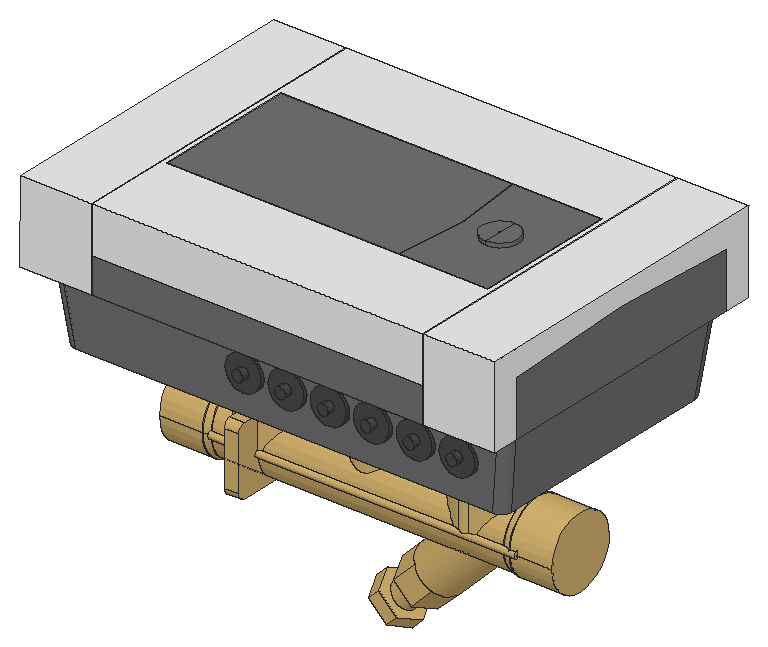
Revit family "SonoSelect10_DN15-DN32_Return_RFA", category Pipe Accessories, Revit 2019
Family settings
  Round Connector Dimension = Use Diameter
  Part Type = Breaks Into
  Work Plane-Based = No
  Always vertical = Yes
  Cut with Voids When Loaded = No
  Shared = No
Parameters (values of type "SonoSelect 10_DN15_qp0.6m³/h_G¾_110mm_Return")
  ang2D [instance] = 0.00°
  Z1__ve = -Z1  # -11.075 mm
  Z11__ve = -Z11  # -16.075 mm
  Z11 = 16.075 mm
  Z1 = 11.075 mm
  Z = 23.688 mm
  X = 23.688 mm
  W2D = 15 mm
  Use Minimum Symbol Size [instance] = no
  URL = "https://store.danfoss.com/en/Climate-Solutions-for-heating/Energy-Meters/Energy-meters/SonoSelect-10-and-SonoSafe-10/c/6965?q=%3Arelevance%3Adanfoss_producttypehierarchydesc%3A7f17fa799cfab1f2123001fdae2681a954ad103b&text="
  TW2 = 44.5 mm
  TW = 89 mm
  TPH_ve = -TPH  # -1 mm
  TPH = 1 mm
  TP2 = if(and(LOD 350, D > 20 mm), 1 = 1, 1 = 0)  # no
  TP1_LOD 200 = if(and(LOD 200, D < 25 mm), 1 = 1, 1 = 0)  # no
  TP1 = if(and(LOD 350, D < 25 mm), 1 = 1, 1 = 0)  # yes
  TP = 1 mm
  TL2 = 66.5 mm
  TL = 133 mm
  TD = R * 2  # 19 mm
  R2_2 = 10 mm
  Pressure Drop [instance] = 0.0 Pa
  Nut_Bottom_2 = 0 mm
  Nut_Bottom = -1 mm
  Nominal Pressure = "PN16/PN25"  # constant formula
  Model = "SonoSelect 10"  # constant formula
  Min Flow = "0.006 m³/h"
  Max Flow = "1.2 m³/h"
  L = L2 * 2 + B + B  # 110 mm
  LC = 0 mm
  T4 = 65 mm
  L_TP = 25 mm
  S2 = 20 mm
  S1 = 45 mm
  RN = 10 mm
  R4 = 3.92 mm
  R3_1 = 1 mm
  R3 = 5.6 mm
  R2_1 = 13 mm
  R22 = 7 mm
  R2 = 8.3 mm
  R1 = 1 mm
  R = 9.5 mm
  QMD_MemberGap14093YZ = QMD_MemberGap14093 * 1  # 12 mm
  QMD_MemberGap14093 = 12 mm
  Nominal Flow = "0.6 m³/h"
  Model Type = "SonoSelect 10_DN15_qp0.6m³/h_G¾_110mm_Return"
  Manufacturer = "Danfoss"  # constant formula
  LOD 350 = not(LOD 200)  # yes
  LOD 200 = no
  LL1 = 20.5 mm
  LL = 86 mm
  L2 = 43 mm
  L1_2 = 30 mm
  L1_1 = 30 mm
  Kvs = 3.46 m³/h
  IfcExportType = "SonoSelect 10"  # constant formula
  IfcExportAs = "IfcValveType"  # constant formula
  HD5__ve = -HD5  # -4.038 mm
  HD5 = 4.038 mm
  HD4__ve = -HD4  # -6.056 mm
  HD4 = 6.056 mm
  HD3__ve = -HD3  # -8.075 mm
  HD3 = 8.075 mm
  HD2__ve = -HD2  # -25 mm
  HD2 = 25 mm
  HD1__ve = -HD1  # -43 mm
  HD1 = 43 mm
  H2 = 35.45 mm
  Flow [instance] = 0.0 m³/h
  F1 = 16 mm
  F = 32 mm
  E1__ve = -E1  # -17 mm
  E12 = 48.425 mm
  E1 = 17 mm
  H1 = 73.35 mm
  Description = "Energy Meters"  # constant formula
  D = 15 mm
  Connection = "G¾"
  CenSd_R22_6 = R22 * cos(30.00°)  # 6.062 mm
  C = 110 mm
  Body Material = Danfoss Brass
  B__ve = -B  # -12 mm
  BL = 66.5 mm
  B1 = 2 mm
  B = 12 mm
  ARC1 = 5 mm
  ARC = 2 mm
  ANG = 45.00°
  A = 20 mm
Reference planes
  plane 1 "Center (Front/Back)": y = 0
  plane 2 "XYPLANE": z = 0
  plane 3 "Center (Left/Right)": x = 0
  plane 4 "472": z = -35.45
  plane 5 "469": y = 0.2
  plane 6 "466": y = 5
  plane 7 "449": y = -20
  plane 8 "448": y = 20
  plane 9 "419": z = 73.35
  plane 10 "418": y = -44.5
  plane 11 "417": y = 44.5
  plane 12 "411": y = -37
  plane 13 "410": y = 37
  plane 14 "403": y = -35
  plane 15 "402": y = 35
  plane 16 "401": z = 26.5
  plane 17 "396": y = -14.6
  plane 18 "395": y = 14.6
  plane 19 "390": y = -6.3
  plane 20 "389": y = 6.3
  plane 21 "383": x = 28
  plane 22 "382": x = 32
  plane 23 "378": y = -8.3
  plane 24 "376": y = 8.3
  plane 25 "374": x = -32
  plane 26 "367": x = -28
  plane 27 "366": z = 9.5
  plane 28 "365": z = -9.5
  plane 29 "364": z = 17
  plane 30 "363": y = -16
  plane 31 "362": y = 16
  plane 32 "354": through (-541.25, 0, 519.41) normal (0.7071, 0, 0.7071)
  plane 33 "351": through (-536.968, 0, 523.692) normal (0.7071, 0, 0.7071)
  plane 34 "347": through (-531.258, 0, 529.402) normal (0.7071, 0, 0.7071)
  plane 35 "339": through (-513.58, 0, 547.08) normal (0.7071, 0, 0.7071)
  plane 36 "338": through (547.08, 0, 513.58) normal (0.7071, 0, -0.7071)
  plane 37 "335": through (530.33, 0, 530.33) normal (0.7071, 0, -0.7071)
  plane 38 "334": y = 0
  plane 39 "333": through (-530.33, 0, 530.33) normal (0.7071, 0, 0.7071)
  plane 40 "330": x = 30
  plane 41 "329": x = -30
  plane 42 "313": x = 41
  plane 43 "308": x = -41
  plane 44 "303": x = -55
  plane 45 "302": x = 55
  plane 46 "298": y = -9.5
  plane 47 "297": y = 9.5
  plane 48 "296": z = -1
  plane 49 "295": z = 1
  plane 50 "292": x = 43
  plane 51 "291": x = -43
  plane 52 "289": y = 0
  plane 53 "288": x = 0
  plane 54 "287": z = 0
  plane 55 "331XY": through (-530.33, 0, 530.33) normal (0.7071, 0, 0.7071)
  plane 56 "331XZ": y = 0
  plane 57 "331YZ": through (530.33, 0, 530.33) normal (0.7071, 0, -0.7071)
  plane 58 "350": z = -1
  plane 59 "353": z = -8
  plane 60 "355": z = -11
  plane 61 "352": x = 25
  plane 62 "C1": x = 0
Forms (mm)
  Extrusion 1, solid, material "Danfoss Brass" <- "Body Material", visible <- "LOD 350", detail levels fine
    sketch origin (-750, 0, 17) x (1, 0, 0) y (0, 1, 0)
      loop
        line (778, 8.3) -> (778, -8.3)
        arc (778, -8.3) -> (780, -10.3) -> (782, -8.3) r 2
        line (782, -8.3) -> (782, 8.3)
        arc (782, 8.3) -> (780, 10.3) -> (778, 8.3) r 2
    from 0 to -17 <- "E1__ve"
  Extrusion 2, solid, material "Danfoss Brass" <- "Body Material", visible <- "LOD 350", detail levels fine
    sketch origin (-750, 0, 17) x (1, 0, 0) y (0, 1, 0)
      loop
        line (718, 8.3) -> (718, -8.3)
        arc (718, -8.3) -> (720, -10.3) -> (722, -8.3) r 2
        line (722, -8.3) -> (722, 8.3)
        arc (722, 8.3) -> (720, 10.3) -> (718, 8.3) r 2
    from 0 to -17 <- "E1__ve"
  Extrusion 3, solid, material "Danfoss Brass" <- "Body Material", visible <- "LOD 350", detail levels fine
    sketch origin (-28, -750, 0) x (0, 1, 0) y (0, 0, 1)
      loop
        arc (734, -7.5) -> (734.586, -8.914) -> (736, -9.5) r 2
        line (736, -9.5) -> (764, -9.5)
        arc (764, -9.5) -> (765.414, -8.914) -> (766, -7.5) r 2
        line (766, -7.5) -> (766, 7.5)
        arc (766, 7.5) -> (765.414, 8.914) -> (764, 9.5) r 2
        line (764, 9.5) -> (736, 9.5)
        arc (736, 9.5) -> (734.586, 8.914) -> (734, 7.5) r 2
        line (734, 7.5) -> (734, -7.5)
    from 0 to -4
  Extrusion 4, solid, material "Danfoss Brass" <- "Body Material", visible <- "TP1", detail levels fine
    sketch origin (-541.25, 0, 519.41) x (0.707107, 0, -0.707107) y (0, 1, 0)
      loop
        line (780.688, 0) -> (777.188, 6.062) -> (770.188, 6.062) -> (766.688, 0) -> (770.188, -6.062) -> (777.188, -6.062) -> (780.688, 0)
    from 0 to -4.038 <- "HD5__ve"
  Extrusion 5, solid, material "Danfoss Brass" <- "Body Material", visible <- "TP1", detail levels fine
    sketch origin (-536.968, 0, 523.692) x (0.707107, 0, -0.707107) y (0, 1, 0)
      loop
        circle (773.688, 0) r 3.92
    from 0 to -6.056 <- "HD4__ve"
  Extrusion 6, solid, material "Danfoss Brass" <- "Body Material", visible <- "TP1", detail levels fine
    sketch origin (-531.258, 0, 529.402) x (0.707107, 0, -0.707107) y (0, 1, 0)
      loop
        line (780.688, 0) -> (777.188, 6.062) -> (770.188, 6.062) -> (766.688, 0) -> (770.188, -6.062) -> (777.188, -6.062) -> (780.688, 0)
    from 0 to -8.075 <- "HD3__ve"
  Extrusion 7, solid, material "Danfoss Brass" <- "Body Material", visible <- "TP1", detail levels fine
    sketch origin (-513.58, 0, 547.08) x (0.707107, 0, -0.707107) y (0, 1, 0)
      loop
        circle (773.688, 0) r 7
    from 0 to -25 <- "HD2__ve"
  Extrusion 8, solid, material "Danfoss Brass" <- "Body Material", visible <- "TP1_LOD 200", detail levels fine
    sketch origin (-513.58, 0, 547.08) x (0.707107, 0, -0.707107) y (0, 1, 0)
      loop
        circle (773.688, 0) r 7
    from 0 to -43 <- "HD1__ve"
  Extrusion 9, solid, material "Danfoss Brass" <- "Body Material", detail levels fine
    sketch origin (-750, 0, 0) x (1, 0, 0) y (0, 1, 0)
      loop
        circle (780, 0) r 10
    from 0 to 17 <- "E1"
  Extrusion 10, solid, material "Danfoss Brass" <- "Body Material", detail levels fine
    sketch origin (-750, 0, 0) x (1, 0, 0) y (0, 1, 0)
      loop
        circle (720, 0) r 10
    from 0 to 17 <- "E1"
  Extrusion 11, solid, material "Danfoss Brass" <- "Body Material", visible <- "LOD 350", detail levels fine
    sketch origin (-41, -750, 0) x (0, 1, 0) y (0, 0, 1)
      loop
        arc (740.5, 1) -> (739.5, 0) -> (740.5, -1) r 1
        line (740.5, -1) -> (740.5, 1)
    from 0 to 86 <- "LL"
  Extrusion 12, solid, material "Danfoss Brass" <- "Body Material", visible <- "LOD 350", detail levels fine
    sketch origin (-41, -750, 0) x (0, 1, 0) y (0, 0, 1)
      loop
        line (759.5, 1) -> (759.5, -1)
        arc (759.5, -1) -> (760.5, 0) -> (759.5, 1) r 1
    from 0 to 86 <- "LL"
  Blend 13, solid, material "Danfoss Brass" <- "Body Material", visible <- "LOD 350", detail levels fine
    base sketch origin (41, -750, 0) x (0, 1, 0) y (0, 0, 1)
      loop
        circle (750, 0) r 9.5
    top sketch origin (41, -750, 0) x (0, 1, 0) y (0, 0, 1)
      loop
        circle (750, 0) r 10
    from 0 to 2
  Extrusion 14, solid, material "Danfoss Brass" <- "Body Material", detail levels fine
    sketch origin (-41, -750, 0) x (0, 1, 0) y (0, 0, 1)
      loop
        circle (750, 0) r 9.5
    from 0 to 82
  Blend 15, solid, material "Danfoss Brass" <- "Body Material", visible <- "LOD 350", detail levels fine
    base sketch origin (-43, -750, 0) x (0, 1, 0) y (0, 0, 1)
      loop
        circle (750, 0) r 10
    top sketch origin (-43, -750, 0) x (0, 1, 0) y (0, 0, 1)
      loop
        circle (750, 0) r 9.5
    from 0 to 2
  Extrusion 16, solid, material "Danfoss Brass" <- "Body Material", detail levels fine
    sketch origin (55, -750, 0) x (0, 1, 0) y (0, 0, 1)
      loop
        circle (750, 0) r 10
    from 0 to -12 <- "B__ve"
  Extrusion 17, solid, material "Danfoss Brass" <- "Body Material", detail levels fine
    sketch origin (-55, -750, 0) x (0, 1, 0) y (0, 0, 1)
      loop
        circle (750, 0) r 10
    from 0 to 12 <- "B"
  Extrusion 18, solid, material "Danfoss Brass" <- "Body Material", visible <- "LOD 200", detail levels fine
    sketch origin (43, -750, 0) x (0, 1, 0) y (0, 0, 1)
      loop
        circle (750, 0) r 10
    from 0 to -10
  Extrusion 19, solid, material "Danfoss Brass" <- "Body Material", visible <- "LOD 200", detail levels fine
    sketch origin (-43, -750, 0) x (0, 1, 0) y (0, 0, 1)
      loop
        circle (750, 0) r 10
    from 0 to 10
  Revolve 20, solid, material "Danfoss Brass", visible <- "TP2", detail levels fine
    sketch origin (0, 0, 0) x (1, 0, 0) y (0, 0, 1)
      loop
        line (30.366, -1) -> (32, -1) -> (32, 0) -> (25, 0) -> (25, -11) -> (28.366, -11) -> (28.366, -8) -> (30.366, -8) -> (30.366, -1)
      axis (25, 0) -> (25, -11)
    angle from 0 to 360
  Extrusion 21, solid, material "Danfoss Brass", visible <- "TP2", detail levels fine
    sketch origin (0, 0, 0) x (1, 0, 0) y (0, 1, 0)
      loop
        line (22.113, 5) -> (19.226, 0) -> (22.113, -5) -> (27.887, -5) -> (30.774, 0) -> (27.887, 5) -> (22.113, 5)
    from 0 <- "Nut_Bottom_2" to -1 <- "Nut_Bottom"
  Extrusion 22, solid, material "Danfoss Brass", visible <- "LOD 200", detail levels fine
    sketch origin (0, 0, 0) x (1, 0, 0) y (0, 1, 0)
      loop
        circle (25, 0) r 1
    from 0 to 1 <- "TP"
  Extrusion 23, solid, material "Danfoss Brass" <- "Body Material", detail levels fine
    sketch origin (0, 0, 0) x (1, 0, 0) y (0, 1, 0)
      loop
        circle (0, 0) r 8.3
    from 0 to 17
Lines and regions (mm)
  reference lines, not visible
    curve 1: circle (2, 2, 0) r 1 normal (0, 0, 1)
  reference lines
    curve 2: line (-26, 20, 68.35) -> (-26, -20, 68.35)
    curve 3: line (-26, 20, 68.35) -> (-26, -20, 68.35)
    curve 4: line (66.5, -37, 60.85) -> (66.5, 37, 60.85)
    curve 5: line (-66.5, -37, 60.85) -> (-66.5, 37, 60.85)
    curve 6: line (66.5, 44.5, 68.35) -> (66.5, -44.5, 68.35)
    curve 7: line (66.5, -37, 60.85) -> (66.5, 37, 60.85)
    curve 8: line (-66.5, 44.5, 68.35) -> (-66.5, -44.5, 68.35)
    curve 9: line (-66.5, -37, 60.85) -> (-66.5, 37, 60.85)
    curve 10: line (-32, 8.3, 17) -> (-28, 8.3, 17)
    curve 11: line (-14, 8.3, 17) -> (53, 8.3, 17)
    curve 12: line (28, 8.3, 17) -> (32, 8.3, 17)
    curve 13: line (32, 8.3, 17) -> (32, -8.3, 17)
    curve 14: line (32, -8.3, 17) -> (28, -8.3, 17)
    curve 15: line (53, -8.3, 17) -> (-14, -8.3, 17)
    curve 16: line (-28, -8.3, 17) -> (-32, -8.3, 17)
    curve 17: line (-32, -8.3, 17) -> (-32, 8.3, 17)
    curve 18: line (28, -8.3, 17) -> (32, -8.3, 17)
    curve 19: line (32, 8.3, 17) -> (28, 8.3, 17)
    curve 20: line (-32, -8.3, 17) -> (-28, -8.3, 17)
    curve 21: line (-28, 8.3, 17) -> (-32, 8.3, 17)
    curve 25: line (15.822, 0, -17.678) -> (14.585, 3.031, -16.44)
    curve 26: line (15.822, 0, -17.678) -> (13.347, 0, -15.203)
    curve 27: line (15.822, 0, -17.678) -> (14.585, -3.031, -16.44)
    curve 28: line (-41, -9.5, -1) -> (-41, -9.5, 1)
    curve 29: line (-41, 9.5, -1) -> (-41, 9.5, 1)
  reference lines, visible <- "LOD 350"
    curve 22: line (5.83, 0, -27.67) -> (4.592, 3.031, -26.433)
    curve 23: line (5.83, 0, -27.67) -> (3.355, 0, -25.195)
    curve 24: line (5.83, 0, -27.67) -> (4.592, -3.031, -26.433)
Dimensions and locks
  plane 1 "Center (Front/Back)" to curve 1 = 2 mm
  "H2": plane 54 "287" to plane 4 "472"
  locked: plane 52 "289" to plane 5 "469" at 0.2
  locked: plane 52 "289" to plane 6 "466" at 5
  locked: plane 52 "289" to plane 7 "449" at 20
  locked: plane 52 "289" to plane 8 "448" at 20
  "H1": plane 54 "287" to plane 9 "419"
  "TW2": plane 52 "289" to plane 10 "418"
  "TW2": plane 52 "289" to plane 11 "417"
  locked: plane 14 "403" to plane 12 "411" at 2
  locked: plane 15 "402" to plane 13 "410" at 2
  locked: plane 52 "289" to plane 14 "403" at 35
  locked: plane 52 "289" to plane 15 "402" at 35
  "R2": plane 19 "390" to plane 17 "396"
  "R2": plane 20 "389" to plane 18 "395"
  locked: plane 23 "378" to plane 19 "390" at 2
  locked: plane 24 "376" to plane 20 "389" at 2
  locked: plane 22 "382" to plane 21 "383" at 4
  locked: plane 40 "330" to plane 22 "382" at 2
  "R2": plane 52 "289" to plane 23 "378"
  "R2": plane 52 "289" to plane 24 "376"
  locked: plane 26 "367" to plane 25 "374" at 4
  locked: plane 41 "329" to plane 26 "367" at 2
  "R": plane 54 "287" to plane 27 "366"
  "R": plane 54 "287" to plane 28 "365"
  "E1": plane 54 "287" to plane 29 "364"
  "F1": plane 52 "289" to plane 30 "363"
  "F1": plane 52 "289" to plane 31 "362"
  "HD4": plane 33 "351" to plane 32 "354"
  "HD3": plane 34 "347" to plane 33 "351"
  "HD2": plane 35 "339" to plane 34 "347"
  "Z": plane 39 "333" to plane 35 "339"
  "X": plane 37 "335" to plane 36 "338"
  locked: plane 57 "331YZ" to plane 37 "335"
  locked: plane 52 "289" to plane 38 "334"
  locked: plane 55 "331XY" to plane 39 "333" at 0
  "B1": plane 51 "291" to plane 43 "308"
  "B": plane 51 "291" to plane 44 "303"
  "B": plane 50 "292" to plane 45 "302"
  "R": plane 52 "289" to plane 46 "298"
  "R": plane 52 "289" to plane 47 "297"
  "R1": plane 54 "287" to plane 48 "296"
  "R1": plane 54 "287" to plane 49 "295"
  "L2": plane 53 "288" to plane 50 "292"
  "L2": plane 53 "288" to plane 51 "291"
  locked: plane 1 "Center (Front/Back)" to plane 52 "289"
  locked: plane 3 "Center (Left/Right)" to plane 53 "288"
  locked: plane 2 "XYPLANE" to plane 54 "287"
  "ARC": curve 18 to Extrusion 1 sketch curve
  "ARC": curve 19 to Extrusion 1 sketch curve
  Extrusion 1 sketch curve to Extrusion 1 sketch curve = 0 mm  (x8)
  "ARC": curve 20 to Extrusion 2 sketch curve
  "ARC": curve 21 to Extrusion 2 sketch curve
  Extrusion 2 sketch curve to Extrusion 2 sketch curve = 0 mm  (x8)
  Extrusion 3 sketch curve to Extrusion 3 sketch curve = 0 mm  (x16)
  "CenSd_R22_6": curve 22 to Extrusion 4 sketch curve  (x2)
  "CenSd_R22_6": curve 23 to Extrusion 4 sketch curve  (x2)
  "CenSd_R22_6": curve 24 to Extrusion 4 sketch curve  (x2)
  Extrusion 4 sketch curve to Extrusion 4 sketch curve = 0 mm  (x12)
  "CenSd_R22_6": curve 25 to Extrusion 6 sketch curve  (x2)
  "CenSd_R22_6": curve 26 to Extrusion 6 sketch curve  (x2)
  "CenSd_R22_6": curve 27 to Extrusion 6 sketch curve  (x2)
  Extrusion 6 sketch curve to Extrusion 6 sketch curve = 0 mm  (x12)
  "R1": curve 28 to Extrusion 11 sketch curve
  Extrusion 11 sketch curve to Extrusion 11 sketch curve = 0 mm  (x4)
  "R1": curve 29 to Extrusion 12 sketch curve
  Extrusion 12 sketch curve to Extrusion 12 sketch curve = 0 mm  (x4)
  plane 45 "302" to plane 44 "303" = 110 mm
  plane 31 "362" to plane 30 "363" = 32 mm
  plane 51 "291" to plane 50 "292" = 86 mm
  "L_TP": plane 61 "352" to plane 3 "Center (Left/Right)"
  plane 9 "419" to plane 4 "472" = 108.8 mm
  "LC": plane 62 "C1" to plane 3 "Center (Left/Right)"
  "TPH": level to plane 58 "350"
  locked: plane 58 "350" to plane 59 "353" at 7
  locked: plane 59 "353" to plane 60 "355" at 3
  Revolve 20 sketch curve to Revolve 20 sketch curve = 1.634 mm
  Revolve 20 sketch curve to Revolve 20 sketch curve = 7 mm
  curve 23 to Extrusion 21 sketch curve = 5 mm  (x2)
  equal spacing: Extrusion 21 sketch curve, plane 56 "331XZ", Extrusion 21 sketch curve
  "B1": plane 42 "313" to plane 50 "292"
  "L1_1": plane 41 "329" to plane 62 "C1"
  "L1_2": plane 62 "C1" to plane 40 "330"
  plane 9 "419" to plane 16 "401" = 46.85 mm
  locked: plane 16 "401" to plane 29 "364" at 9.5
  Revolve 20 sketch curve to Revolve 20 sketch curve = 2 mm
  radius of Extrusion 3 sketch curve = 2 mm  (x4)
  "R4": radius of Extrusion 5 sketch curve
  "R22": radius of Extrusion 7 sketch curve
  "R22": radius of Extrusion 8 sketch curve
  "R2_2": radius of Extrusion 10 sketch curve
  "RN": radius of Blend 13 sketch curve
  "R": radius of Blend 13 sketch curve
  "R": radius of Extrusion 14 sketch curve
  "R": radius of Blend 15 sketch curve
  "RN": radius of Blend 15 sketch curve
  "RN": radius of Extrusion 16 sketch curve
  "RN": radius of Extrusion 17 sketch curve
  "R3_1": radius of Extrusion 22 sketch curve
  "R2": radius of Extrusion 23 sketch curve
  "R2_2": radius of Extrusion 9 sketch curve
  locked: curve 23 to curve 22 (angle 60.00°)
  locked: curve 24 to curve 23 (angle 60.00°)
  locked: curve 24 to curve 22 (angle 120.00°)
  locked: curve 26 to curve 25 (angle 60.00°)
  locked: curve 27 to curve 26 (angle 60.00°)
  locked: curve 27 to curve 25 (angle 120.00°)
  angle Extrusion 21 sketch curve to Extrusion 21 sketch curve = 120.00°  (x4)
  angle Extrusion 21 sketch curve to Extrusion 21 sketch curve = 60.00°  (x2)
  aligned and locked: level to plane 2 "XYPLANE"
  aligned and locked: plane 8 "448" to curve 2
  aligned and locked: plane 7 "449" to curve 2
  aligned and locked: plane 8 "448" to curve 3
  aligned and locked: plane 7 "449" to curve 3
  aligned and locked: plane 12 "411" to curve 4
  aligned and locked: plane 13 "410" to curve 4
  aligned and locked: plane 12 "411" to curve 5
  aligned and locked: plane 13 "410" to curve 5
  aligned and locked: plane 11 "417" to curve 6
  aligned and locked: plane 10 "418" to curve 6
  aligned and locked: plane 12 "411" to curve 7
  aligned and locked: plane 13 "410" to curve 7
  aligned and locked: plane 11 "417" to curve 8
  aligned and locked: plane 10 "418" to curve 8
  aligned and locked: plane 12 "411" to curve 9
  aligned and locked: plane 13 "410" to curve 9
  aligned and locked: curve 10 to plane 24 "376"
  aligned and locked: plane 25 "374" to curve 10
  aligned and locked: plane 26 "367" to curve 10
  aligned and locked: curve 11 to plane 24 "376"
  aligned and locked: curve 12 to plane 24 "376"
  aligned and locked: plane 21 "383" to curve 12
  aligned and locked: plane 22 "382" to curve 12
  aligned and locked: plane 24 "376" to curve 13
  aligned and locked: plane 23 "378" to curve 13
  aligned and locked: plane 22 "382" to curve 14
  aligned and locked: plane 21 "383" to curve 14
  aligned and locked: plane 23 "378" to curve 15
  aligned and locked: plane 23 "378" to curve 16
  aligned and locked: plane 26 "367" to curve 16
  aligned and locked: plane 25 "374" to curve 16
  aligned and locked: plane 23 "378" to curve 17
  aligned and locked: Extrusion 1 sketch curve to plane 21 "383"
  aligned and locked: plane 24 "376" to Extrusion 1 sketch curve  (x2)
  aligned and locked: plane 23 "378" to Extrusion 1 sketch curve  (x2)
  aligned and locked: curve 18 to plane 23 "378"
  aligned and locked: plane 21 "383" to curve 18
  aligned and locked: plane 22 "382" to Extrusion 1 sketch curve
  aligned and locked: plane 21 "383" to curve 19
  aligned and locked: Extrusion 2 sketch curve to plane 25 "374"
  aligned and locked: plane 24 "376" to Extrusion 2 sketch curve  (x2)
  aligned and locked: plane 23 "378" to Extrusion 2 sketch curve  (x2)
  aligned and locked: plane 26 "367" to curve 20
  aligned and locked: plane 26 "367" to Extrusion 2 sketch curve
  aligned and locked: plane 24 "376" to curve 21
  aligned and locked: plane 26 "367" to curve 21
  aligned and locked: Extrusion 3 sketch curve to plane 28 "365"
  aligned and locked: Extrusion 3 sketch curve to plane 31 "362"
  aligned and locked: plane 27 "366" to Extrusion 3 sketch curve
  aligned and locked: Extrusion 3 sketch curve to plane 30 "363"
  aligned and locked: plane 38 "334" to curve 23
  aligned and locked: curve 24 to plane 36 "338"
  aligned and locked: Extrusion 5 sketch curve to plane 36 "338"
  aligned and locked: plane 38 "334" to Extrusion 5 sketch curve
  aligned and locked: plane 38 "334" to curve 26
  aligned and locked: curve 27 to plane 36 "338"
  aligned and locked: Extrusion 7 sketch curve to plane 36 "338"
  aligned and locked: plane 38 "334" to Extrusion 7 sketch curve
  aligned and locked: Extrusion 8 sketch curve to plane 36 "338"
  aligned and locked: plane 38 "334" to Extrusion 8 sketch curve
  aligned and locked: plane 41 "329" to Extrusion 10 sketch curve
  aligned and locked: plane 52 "289" to Extrusion 10 sketch curve
  aligned and locked: Extrusion 11 sketch curve to plane 46 "298"
  aligned and locked: plane 49 "295" to Extrusion 11 sketch curve
  aligned and locked: plane 48 "296" to Extrusion 11 sketch curve
  aligned and locked: curve 28 to plane 46 "298"
  aligned and locked: plane 48 "296" to curve 28
  aligned and locked: plane 49 "295" to curve 28
  aligned and locked: Extrusion 12 sketch curve to plane 47 "297"
  aligned and locked: plane 49 "295" to Extrusion 12 sketch curve
  aligned and locked: plane 48 "296" to Extrusion 12 sketch curve
  aligned and locked: curve 29 to plane 47 "297"
  aligned and locked: plane 48 "296" to curve 29
  aligned and locked: plane 49 "295" to curve 29
  aligned and locked: Blend 13 sketch curve to plane 52 "289"  (x2)
  aligned and locked: plane 54 "287" to Blend 13 sketch curve  (x2)
  aligned and locked: plane 50 "292" to Blend 13
  aligned and locked: Extrusion 14 sketch curve to plane 52 "289"
  aligned and locked: plane 54 "287" to Extrusion 14 sketch curve
  aligned and locked: Blend 15 sketch curve to plane 52 "289"  (x2)
  aligned and locked: plane 54 "287" to Blend 15 sketch curve  (x2)
  aligned and locked: plane 43 "308" to Blend 15
  aligned and locked: Extrusion 16 sketch curve to plane 52 "289"
  aligned and locked: plane 54 "287" to Extrusion 16 sketch curve
  aligned and locked: Extrusion 17 sketch curve to plane 52 "289"
  aligned and locked: plane 54 "287" to Extrusion 17 sketch curve
  aligned and locked: Extrusion 18 sketch curve to plane 52 "289"
  aligned and locked: plane 54 "287" to Extrusion 18 sketch curve
  aligned and locked: Extrusion 19 sketch curve to plane 52 "289"
  aligned and locked: plane 54 "287" to Extrusion 19 sketch curve
  aligned and locked: Revolve 20 sketch curve to plane 58 "350"
  aligned and locked: Revolve 20 sketch curve to level
  aligned and locked: Revolve 20 sketch curve to plane 60 "355"
  aligned and locked: Revolve 20 sketch curve to plane 59 "353"
  aligned and locked: plane 61 "352" to Extrusion 22 sketch curve
  aligned and locked: plane 62 "C1" to Extrusion 23 sketch curve
  aligned and locked: plane 56 "331XZ" to Extrusion 23 sketch curve
  aligned and locked: plane 29 "364" to Extrusion 23
  aligned and locked: plane 62 "C1" to nested 1
  aligned and locked: plane 29 "364" to nested 1
  aligned and locked: plane 1 "Center (Front/Back)" to Extrusion 9 sketch curve
  aligned and locked: plane 40 "330" to Extrusion 9 sketch curve
  aligned and locked: Revolve 20 sketch curve to plane 61 "352"  (x2)
  aligned and locked: plane 58 "350" to Revolve 20 sketch curve
  aligned and locked: plane 60 "355" to Revolve 20 sketch curve
  aligned and locked: level to Revolve 20 sketch curve
  aligned and locked: level to nested 2
  aligned and locked: Extrusion 14 to plane 42 "313"
  aligned and locked: nested 2 to plane 44 "303"
  aligned and locked: plane 1 "Center (Front/Back)" to nested 2
Automatic sketch dimensions
  Extrusion 18 sketch curve to plane 46 "298" = 0.5 mm
  Extrusion 19 sketch curve to plane 46 "298" = 0.5 mm
  plane 3 "Center (Left/Right)" to curve 1 = 2 mm
  curve 15 to plane 45 "302" = 2 mm
  curve 11 to plane 45 "302" = 2 mm
  plane 26 "367" to curve 2 = 2 mm
  curve 3 to curve 2 = 0 mm
  plane 26 "367" to curve 11 = 14 mm
  plane 26 "367" to curve 15 = 14 mm
  curve 6 to plane 9 "419" = 5 mm
  curve 8 to plane 9 "419" = 5 mm
  curve 4 to curve 6 = 7.5 mm
  curve 7 to curve 4 = 0 mm
  curve 5 to curve 8 = 7.5 mm
  curve 9 to curve 5 = 0 mm
  plane 1 "Center (Front/Back)" to Extrusion 21 sketch curve = 0 mm  (x2)
  Extrusion 21 sketch curve to plane 61 "352" = 5.774 mm
  plane 61 "352" to Extrusion 21 sketch curve = 2.887 mm
  plane 1 "Center (Front/Back)" to Extrusion 22 sketch curve = 0 mm
  radius of curve 1 = 1 mm
Nested families
  nested 1: "SonoSelect10_Upperbody_RFA" at (0, 0, -4.5), type "SonoSelect10_Upperbody", detail levels fine
    with ang2D 0.00°, Use Minimum Symbol Size no
  nested 2: "Schematic_Energy Meter" at (0, 0, 0), type "Schematic_Energy Meter", detail levels coarse+medium
Connectors
  piping at (55, 0, 0), diameter 15, driven by "D", driven by "Flow"
    settings: on Extrusion 16, index 2, connector inside diameter 609.6 mm, connector length 0 mm, flow factor 0, pipe flow 0.0 m³/h, pressure drop 0.0 Pa, fitting loss kfactor 0, connector angle 0.00°, fixture units 0, engagement length 0 mm, angle of deflection 0.00°, flow configuration 0, flow direction 1, fitting loss method 0, system type 29, joint type 0, gender type 0, connector reference index 3, connector utility 0, adjustable connector no, is connector primary yes, connector description ""
  piping at (-55, 0, 0), diameter 15, driven by "D", driven by "Flow"
    settings: on Extrusion 17, index 3, connector inside diameter 609.6 mm, connector length 0 mm, flow factor 0, pipe flow 0.0 m³/h, pressure drop 0.0 Pa, fitting loss kfactor 0, connector angle 0.00°, fixture units 0, engagement length 0 mm, angle of deflection 0.00°, flow configuration 0, flow direction 2, fitting loss method 0, system type 29, joint type 0, gender type 0, connector reference index 2, connector utility 0, adjustable connector no, is connector primary no, connector description ""
Definition of nested family "SonoSelect10_Upperbody_RFA"
  Parameters (values of type "SonoSelect10_Upperbody")
    ang2D [instance] = 0.00°
    Z1__ve = -Z1  # -13.175 mm
    Z11__ve = -Z11  # -18.175 mm
    Z11 = 18.175 mm
    Z1 = 13.175 mm
    Z = 65.761 mm
    Y2 = 8 mm
    X = 65.761 mm
    W2D = 32 mm
    Use Minimum Symbol Size [instance] = no
    TW2 = 44.5 mm
    TW = 89 mm
    TL2 = 66.5 mm
    TL = 133 mm
    S2 = 20 mm
    S1 = 45 mm
    Radius Bottom = 19.5 mm
    RN = 20 mm
    R4 = 3.92 mm
    R3 = 5.6 mm
    R22 = 7 mm
    R2 = 15 mm
    R1 = 1 mm
    R = 19 mm
    QMD_MemberGap14093YZ = QMD_MemberGap14093 * 1  # 12 mm
    QMD_MemberGap14093 = 12 mm
    Manufacturer = "Danfoss"
    LX = 93 mm
    LOD 350 = not(LOD 200)  # yes
    LOD 200 = no
    LL1 = 55 mm
    LL = 220 mm
    L2D_Min = 30.48 mm
    L2D = 224 mm
    L2 = 112 mm
    L = 224 mm
    HD5__ve = -HD5  # -5.028 mm
    HD5 = 5.028 mm
    HD4__ve = -HD4  # -7.541 mm
    HD4 = 7.541 mm
    HD3__ve = -HD3  # -10.055 mm
    HD3 = 10.055 mm
    HD2__ve = -HD2  # -27.652 mm
    HD2 = 27.652 mm
    HD1__ve = -HD1  # -50.276 mm
    HD1 = 50.276 mm
    HD = 40.5 mm
    F1 = 20.5 mm
    F = 41 mm
    E1__ve = -E1  # -24 mm
    E12 = 53 mm
    E1 = 24 mm
    E = 78 mm
    Description = "Danfoss ultrasonic energy meter \"SonoSafe 10\" for installation in the return pipe. Variants for heating, cooling or combined heating/cooling applications are available. Different communication modules and power supplies selectable."
    D = 32 mm
    CenSd_R22_6 = R22 * cos(30.00°)  # 6.062 mm
    C = 260 mm
    Body Material = none
    B__ve = -B  # -18 mm
    BL = 112 mm
    B = 18 mm
    ARC1 = 2 mm
    ARC = 2 mm
    ANG = 45.00°
    A = 40 mm
    Y1 = 8 mm
  Reference planes
    plane 1 "Center (Front/Back)": y = 0
    plane 2 "XYPLANE": z = 0
    plane 3 "Center (Left/Right)": x = 0
    plane 4 "482": x = -10
    plane 5 "481": z = 43
    plane 6 "470": z = 75
    plane 7 "469": y = 0.2
    plane 8 "466": y = 5
    plane 9 "465": z = 77
    plane 10 "464": x = 32.5
    plane 11 "453": x = 20
    plane 12 "449": y = -20
    plane 13 "448": y = 20
    plane 14 "447": x = -45
    plane 15 "446": x = 45
    plane 16 "443": z = 62.825
    plane 17 "439": x = -46.5
    plane 18 "438": x = 46.5
    plane 19 "434": x = 64.5
    plane 20 "433": x = -64.5
    plane 21 "428": x = 61.5
    plane 22 "427": x = -61.5
    plane 23 "421": z = 68.5
    plane 24 "420": z = 76
    plane 25 "419": z = 78
    plane 26 "418": y = -44.5
    plane 27 "417": y = 44.5
    plane 28 "416": x = 66.5
    plane 29 "415": x = -66.5
    plane 30 "411": y = -37
    plane 31 "410": y = 37
    plane 32 "407": z = 53
    plane 33 "403": y = -35
    plane 34 "402": y = 35
    plane 35 "401": z = 31
    plane 36 "399": x = 30
    plane 37 "398": x = -30
    plane 38 "396": y = -28
    plane 39 "395": y = 28
    plane 40 "391": x = -17
    plane 41 "390": y = -13
    plane 42 "389": y = 13
    plane 43 "387": x = 17
    plane 44 "386": x = -15
    plane 45 "385": x = 15
    plane 46 "383": x = 53
    plane 47 "382": x = 57
    plane 48 "378": y = -15
    plane 49 "376": y = 15
    plane 50 "374": x = -57
    plane 51 "367": x = -53
    plane 52 "363": y = -20.5
    plane 53 "362": y = 20.5
    plane 54 "334": y = 0
    plane 55 "330": x = 55
    plane 56 "329": x = -55
    plane 57 "298": y = -19
    plane 58 "297": y = 19
    plane 59 "289": y = 0
    plane 60 "288": x = 0
    plane 61 "287": z = 0
    plane 62 "331XZ": y = 0
    plane 63 "x1": z = 21.5
    plane 64 "Y1": x = 22.5
    plane 65 "Y2": x = -22.5
    plane 66 "X2": y = 12.5
    plane 67 "X3": y = -12.5
    plane 68 "Y4": x = 42.5
    plane 69 "Y5": x = -42.5
    plane 70: x = 30.5
    plane 71: x = -30.5
    plane 72: x = 42.5
    plane 73: x = -42.5
    plane 74: y = 22.5
    plane 75: y = -22.5
  Forms (mm)
    Revolve 1, solid, material <- "Body Material", visible <- "LOD 350"
      sketch origin (32.5, 5, 68.5) x (0, -1, 0) y (0, 0, 1)
        loop
          line (0, 6.5) -> (4.8, 6.5) -> (4.8, 8.5) -> (0, 8.5) -> (0, 6.5)
        axis (5, 8.5) -> (5, 6.5)
      angle from 0 to -360
    Extrusion 2, solid, material <- "Body Material", visible <- "LOD 350"
      sketch origin (-750, 0, 76) x (1, 0, 0) y (0, 1, 0)
        loop
          line (705, -20) -> (770, -20)
          arc (770, -20) -> (772, 0) -> (770, 20) r 101
          line (770, 20) -> (705, 20) -> (705, -20)
      from 0 to -5
    Extrusion 3, solid, material <- "Body Material", visible <- "LOD 350"
      sketch origin (-750, 0, 76) x (1, 0, 0) y (0, 1, 0)
        loop
          line (795, -20) -> (795, 20) -> (770, 20)
          arc (770, 20) -> (772, 0) -> (770, -20) r 101
          line (770, -20) -> (795, -20)
      from 0 to -18.175 <- "Z11__ve"
    Extrusion 4, solid, material <- "Body Material", visible <- "LOD 350"
      sketch origin (-750, 0, 62.825) x (1, 0, 0) y (0, 1, 0)
        loop
          line (703.5, -44.5) -> (796.5, -44.5) -> (796.5, 44.5) -> (703.5, 44.5) -> (703.5, -44.5)
      from 0 to -9.825
    Extrusion 5, solid, material <- "Body Material", visible <- "LOD 350"
      sketch origin (66.5, -750, 0) x (0, 1, 0) y (0, 0, 1)
        loop
          line (713, 68.5) -> (713, 53) -> (787, 53) -> (787, 68.5)
          arc (787, 68.5) -> (750, 70.5) -> (713, 68.5) r 343.25
      from 0 to -20
    Extrusion 6, solid, material <- "Body Material", visible <- "LOD 350"
      sketch origin (-66.5, -750, 0) x (0, 1, 0) y (0, 0, 1)
        loop
          line (713, 68.5) -> (713, 53) -> (787, 53) -> (787, 68.5)
          arc (787, 68.5) -> (750, 70.5) -> (713, 68.5) r 343.25
      from 0 to 20
    Extrusion 7, solid, visible <- "LOD 350"
      sketch origin (-750, 0, 76) x (1, 0, 0) y (0, 1, 0)
        loop
          line (703.5, -44.5) -> (796.5, -44.5) -> (796.5, 44.5) -> (703.5, 44.5) -> (703.5, -44.5)
        loop
          line (705, -20) -> (795, -20) -> (795, 20) -> (705, 20) -> (705, -20)
      from 0 to -13.175 <- "Z1__ve"
    Extrusion 8, solid, visible <- "LOD 350"
      sketch origin (66.5, -750, 0) x (0, 1, 0) y (0, 0, 1)
        loop
          line (794.5, 53) -> (794.5, 76)
          arc (794.5, 76) -> (750, 78) -> (705.5, 76) r 496.062
          line (705.5, 76) -> (705.5, 53) -> (713, 53) -> (713, 68.5)
          arc (713, 68.5) -> (750, 70.5) -> (787, 68.5) r 343.25
          line (787, 68.5) -> (787, 53) -> (794.5, 53)
      from 0 to -20
    Extrusion 9, solid, visible <- "LOD 350"
      sketch origin (-66.5, -750, 0) x (0, 1, 0) y (0, 0, 1)
        loop
          line (794.5, 53) -> (794.5, 76)
          arc (794.5, 76) -> (750, 78) -> (705.5, 76) r 496.062
          line (705.5, 76) -> (705.5, 53) -> (713, 53) -> (713, 68.5)
          arc (713, 68.5) -> (750, 70.5) -> (787, 68.5) r 343.25
          line (787, 68.5) -> (787, 53) -> (794.5, 53)
      from 0 to 20
    Blend 10, solid, material <- "Body Material", visible <- "LOD 350"
      base sketch origin (-750, 0, 31) x (1, 0, 0) y (0, 1, 0)
        loop
          line (691.5, -35) -> (808.5, -35)
          arc (808.5, -35) -> (810.621, -34.121) -> (811.5, -32) r 3
          line (811.5, -32) -> (811.5, 32)
          arc (811.5, 32) -> (810.621, 34.121) -> (808.5, 35) r 3
          line (808.5, 35) -> (691.5, 35)
          arc (691.5, 35) -> (689.379, 34.121) -> (688.5, 32) r 3
          line (688.5, 32) -> (688.5, -32)
          arc (688.5, -32) -> (689.379, -34.121) -> (691.5, -35) r 3
      top sketch origin (-750, 0, 31) x (1, 0, 0) y (0, 1, 0)
        loop
          line (688.5, -37) -> (811.5, -37)
          arc (811.5, -37) -> (813.621, -36.121) -> (814.5, -34) r 3
          line (814.5, -34) -> (814.5, 34)
          arc (814.5, 34) -> (813.621, 36.121) -> (811.5, 37) r 3
          line (811.5, 37) -> (688.5, 37)
          arc (688.5, 37) -> (686.379, 36.121) -> (685.5, 34) r 3
          line (685.5, 34) -> (685.5, -34)
          arc (685.5, -34) -> (686.379, -36.121) -> (688.5, -37) r 3
      from 0 to 22
    Extrusion 11, solid, visible <- "LOD 200", detail levels fine
      sketch origin (-750, 0, 29) x (1, 0, 0) y (0, 1, 0)
        loop
          line (683.5, 44.5) -> (683.5, -44.5) -> (816.5, -44.5) -> (816.5, 44.5) -> (683.5, 44.5)
      from 0 to 49
    Extrusion 12, solid, material <- "Body Material", visible <- "LOD 350"
      sketch origin (0, 0, 21.5) x (-1, 0, 0) y (0, -1, 0)
        loop
          arc (-22.5, 12.5) -> (-24.843, 18.157) -> (-30.5, 20.5) r 8
          line (-30.5, 20.5) -> (-42.5, 20.5) -> (-42.5, 0) -> (-36.383, -15.263)
          arc (-36.383, -15.263) -> (-31.166, -18.966) -> (-25.303, -16.404) r 6.5
          line (-25.303, -16.404) -> (-23.805, -12.5) -> (-14.967, -12.5)
          arc (-14.967, -12.5) -> (0, -19.5) -> (14.967, -12.5) r 19.5
          line (14.967, -12.5) -> (22.5, -12.5)
          arc (22.5, -12.5) -> (24.843, -18.157) -> (30.5, -20.5) r 8
          line (30.5, -20.5) -> (42.5, -20.5) -> (42.5, 0) -> (35.547, 17.351)
          arc (35.547, 17.351) -> (27.885, 18.993) -> (23.5, 12.5) r 7
          line (23.5, 12.5) -> (14.967, 12.5)
          arc (14.967, 12.5) -> (0, 19.5) -> (-14.967, 12.5) r 19.5
          line (-14.967, 12.5) -> (-22.5, 12.5)
      from 0 to 9.5
    Extrusion 13, solid, material <- "Body Material", visible <- "LOD 200"
      sketch origin (0, 0, 21.5) x (-1, 0, 0) y (0, -1, 0)
        loop
          line (-42.5, -22.5) -> (42.5, -22.5) -> (42.5, 22.5) -> (-42.5, 22.5) -> (-42.5, -22.5)
      from 0 to 9.5
  Lines and regions (mm)
    reference lines
      curve 1: line (20, 20, 76) -> (20, -20, 76)
      curve 2: line (20, 20, 76) -> (20, -20, 76)
    reference lines, visible <- "LOD 350"
      curve 3: line (66.5, -37, 68.5) -> (66.5, 37, 68.5)
      curve 4: line (-66.5, -37, 68.5) -> (-66.5, 37, 68.5)
      curve 5: line (66.5, 44.5, 76) -> (66.5, -44.5, 76)
      curve 6: line (66.5, -37, 68.5) -> (66.5, 37, 68.5)
      curve 7: line (-66.5, 44.5, 76) -> (-66.5, -44.5, 76)
      curve 8: line (-66.5, -37, 68.5) -> (-66.5, 37, 68.5)
  Dimensions and locks
    locked: plane 60 "288" to plane 4 "482" at 10
    locked: plane 32 "407" to plane 5 "481" at 10
    locked: plane 9 "465" to plane 6 "470" at 2
    locked: plane 59 "289" to plane 7 "469" at 0.2
    locked: plane 59 "289" to plane 8 "466" at 5
    locked: plane 24 "420" to plane 9 "465" at 1
    locked: plane 11 "453" to plane 10 "464" at 12.5
    locked: plane 15 "446" to plane 11 "453" at 25
    locked: plane 59 "289" to plane 12 "449" at 20
    locked: plane 59 "289" to plane 13 "448" at 20
    locked: plane 60 "288" to plane 14 "447" at 45
    locked: plane 60 "288" to plane 15 "446" at 45
    "Z1": plane 24 "420" to plane 16 "443"
    locked: plane 29 "415" to plane 17 "439" at 20
    locked: plane 28 "416" to plane 18 "438" at 20
    locked: plane 28 "416" to plane 19 "434" at 2
    locked: plane 29 "415" to plane 20 "433" at 2
    locked: plane 28 "416" to plane 21 "428" at 5
    locked: plane 29 "415" to plane 22 "427" at 5
    locked: plane 24 "420" to plane 23 "421" at 7.5
    "ARC1": plane 25 "419" to plane 24 "420"
    "E": plane 61 "287" to plane 25 "419"
    "TW2": plane 59 "289" to plane 26 "418"
    "TW2": plane 59 "289" to plane 27 "417"
    "TL2": plane 60 "288" to plane 28 "416"
    "TL2": plane 60 "288" to plane 29 "415"
    locked: plane 33 "403" to plane 30 "411" at 2
    locked: plane 34 "402" to plane 31 "410" at 2
    "E12": plane 61 "287" to plane 32 "407"
    locked: plane 59 "289" to plane 33 "403" at 35
    locked: plane 59 "289" to plane 34 "402" at 35
    "R2": plane 45 "385" to plane 36 "399"
    "R2": plane 44 "386" to plane 37 "398"
    "R2": plane 41 "390" to plane 38 "396"
    "R2": plane 42 "389" to plane 39 "395"
    locked: plane 44 "386" to plane 40 "391" at 2
    locked: plane 48 "378" to plane 41 "390" at 2
    locked: plane 49 "376" to plane 42 "389" at 2
    locked: plane 45 "385" to plane 43 "387" at 2
    "R2": plane 60 "288" to plane 44 "386"
    "R2": plane 60 "288" to plane 45 "385"
    locked: plane 47 "382" to plane 46 "383" at 4
    locked: plane 55 "330" to plane 47 "382" at 2
    "R2": plane 59 "289" to plane 48 "378"
    "R2": plane 59 "289" to plane 49 "376"
    locked: plane 51 "367" to plane 50 "374" at 4
    locked: plane 56 "329" to plane 51 "367" at 2
    "F1": plane 59 "289" to plane 52 "363"
    "F1": plane 59 "289" to plane 53 "362"
    locked: plane 59 "289" to plane 54 "334"
    "LL1": plane 60 "288" to plane 55 "330"
    "LL1": plane 60 "288" to plane 56 "329"
    "R": plane 59 "289" to plane 57 "298"
    "R": plane 59 "289" to plane 58 "297"
    locked: plane 1 "Center (Front/Back)" to plane 59 "289"
    locked: plane 3 "Center (Left/Right)" to plane 60 "288"
    locked: plane 2 "XYPLANE" to plane 61 "287"
    Revolve 1 sketch curve to Revolve 1 sketch curve = 0 mm  (x8)
    "ARC": curve 1 to Extrusion 2 sketch curve
    Extrusion 2 sketch curve to Extrusion 2 sketch curve = 0 mm  (x8)
    "ARC": curve 2 to Extrusion 3 sketch curve
    Extrusion 3 sketch curve to Extrusion 3 sketch curve = 0 mm  (x8)
    Extrusion 4 sketch curve to Extrusion 4 sketch curve = 0 mm  (x8)
    "ARC1": curve 3 to Extrusion 5 sketch curve
    Extrusion 5 sketch curve to Extrusion 5 sketch curve = 0 mm  (x8)
    "ARC1": curve 4 to Extrusion 6 sketch curve
    Extrusion 6 sketch curve to Extrusion 6 sketch curve = 0 mm  (x8)
    Extrusion 7 sketch curve to Extrusion 7 sketch curve = 0 mm  (x16)
    "ARC1": curve 5 to Extrusion 8 sketch curve
    "ARC1": curve 6 to Extrusion 8 sketch curve
    Extrusion 8 sketch curve to Extrusion 8 sketch curve = 0 mm  (x16)
    "ARC1": curve 7 to Extrusion 9 sketch curve
    "ARC1": curve 8 to Extrusion 9 sketch curve
    Extrusion 9 sketch curve to Extrusion 9 sketch curve = 0 mm  (x16)
    Blend 10 sketch curve to Blend 10 sketch curve = 0 mm  (x32)
    equal spacing: group 1, group 2, group 3, group 4, group 5, group 6  (x3)
    "QMD_MemberGap14093YZ": nested 2 to plane 4 "482"
    plane 29 "415" to plane 28 "416" = 133 mm
    plane 27 "417" to plane 26 "418" = 89 mm
    plane 25 "419" to plane 32 "407" = 25 mm
    plane 32 "407" to plane 35 "401" = 22 mm
    plane 25 "419" to plane 35 "401" = 47 mm
    locked: plane 35 "401" to plane 63 "x1" at 9.5
    equal spacing: plane 65 "Y2", plane 3 "Center (Left/Right)", plane 64 "Y1"
    locked: plane 65 "Y2" to plane 64 "Y1" at 45
    equal spacing: plane 67 "X3", plane 1 "Center (Front/Back)", plane 66 "X2"
    locked: plane 67 "X3" to plane 66 "X2" at 25
    equal spacing: plane 69 "Y5", plane 3 "Center (Left/Right)", plane 68 "Y4"
    locked: plane 69 "Y5" to plane 68 "Y4" at 85
    Extrusion 12 sketch curve to plane 62 "331XZ" = 0 mm  (x2)
    "Y1": plane 64 "Y1" to plane 70
    "Y2": plane 71 to plane 65 "Y2"
    Extrusion 12 sketch curve to Extrusion 12 sketch curve = 20.5 mm
    plane 25 "419" to plane 63 "x1" = 56.5 mm
    locked: plane 73 to plane 72 at 85
    locked: plane 75 to plane 74 at 45
    equal spacing: plane 75, plane 1 "Center (Front/Back)", plane 74
    equal spacing: plane 73, plane 3 "Center (Left/Right)", plane 72
    radius of Blend 10 sketch curve = 3 mm  (x8)
    radius of Extrusion 12 sketch curve = 6.5 mm
    radius of Extrusion 12 sketch curve = 7 mm
    angle plane 62 "331XZ" to Extrusion 12 sketch curve = 111.838°
    angle plane 1 "Center (Front/Back)" to Extrusion 12 sketch curve = 111.838°
    aligned and locked: level to plane 2 "XYPLANE"
    aligned and locked: plane 8 "466" to Revolve 1 sketch curve  (x2)
    aligned and locked: plane 6 "470" to Revolve 1 sketch curve  (x3)
    aligned and locked: plane 9 "465" to Revolve 1 sketch curve  (x3)
    aligned and locked: plane 7 "469" to Revolve 1 sketch curve  (x2)
    aligned and locked: plane 14 "447" to Extrusion 2 sketch curve  (x2)
    aligned and locked: plane 12 "449" to Extrusion 2 sketch curve  (x2)
    aligned and locked: plane 13 "448" to Extrusion 2 sketch curve
    aligned and locked: plane 11 "453" to Extrusion 2 sketch curve  (x2)
    aligned and locked: curve 1 to plane 11 "453"
    aligned and locked: plane 13 "448" to curve 1
    aligned and locked: plane 12 "449" to curve 1
    aligned and locked: plane 12 "449" to Extrusion 3 sketch curve
    aligned and locked: plane 13 "448" to Extrusion 3 sketch curve
    aligned and locked: plane 15 "446" to Extrusion 3 sketch curve  (x2)
    aligned and locked: plane 11 "453" to Extrusion 3 sketch curve  (x2)
    aligned and locked: curve 2 to plane 11 "453"
    aligned and locked: plane 13 "448" to curve 2
    aligned and locked: plane 12 "449" to curve 2
    aligned and locked: Extrusion 3 sketch curve to plane 12 "449"
    aligned and locked: plane 17 "439" to Extrusion 4 sketch curve  (x2)
    aligned and locked: plane 26 "418" to Extrusion 4 sketch curve  (x2)
    aligned and locked: plane 27 "417" to Extrusion 4 sketch curve  (x2)
    aligned and locked: plane 18 "438" to Extrusion 4 sketch curve  (x2)
    aligned and locked: curve 3 to plane 23 "421"
    aligned and locked: plane 30 "411" to curve 3
    aligned and locked: plane 31 "410" to curve 3
    aligned and locked: Extrusion 5 sketch curve to plane 31 "410"
    aligned and locked: plane 23 "421" to Extrusion 5 sketch curve  (x2)
    aligned and locked: plane 32 "407" to Extrusion 5 sketch curve  (x2)
    aligned and locked: plane 31 "410" to Extrusion 5 sketch curve
    aligned and locked: plane 30 "411" to Extrusion 5 sketch curve
    aligned and locked: curve 4 to plane 23 "421"
    aligned and locked: plane 30 "411" to curve 4
    aligned and locked: plane 31 "410" to curve 4
    aligned and locked: Extrusion 6 sketch curve to plane 31 "410"
    aligned and locked: plane 23 "421" to Extrusion 6 sketch curve  (x2)
    aligned and locked: plane 32 "407" to Extrusion 6 sketch curve  (x2)
    aligned and locked: plane 31 "410" to Extrusion 6 sketch curve
    aligned and locked: plane 30 "411" to Extrusion 6 sketch curve
    aligned and locked: plane 17 "439" to Extrusion 7 sketch curve  (x2)
    aligned and locked: plane 26 "418" to Extrusion 7 sketch curve  (x2)
    aligned and locked: plane 27 "417" to Extrusion 7 sketch curve  (x2)
    aligned and locked: plane 18 "438" to Extrusion 7 sketch curve  (x2)
    aligned and locked: plane 14 "447" to Extrusion 7 sketch curve  (x2)
    aligned and locked: plane 12 "449" to Extrusion 7 sketch curve  (x2)
    aligned and locked: plane 13 "448" to Extrusion 7 sketch curve  (x2)
    aligned and locked: plane 15 "446" to Extrusion 7 sketch curve  (x2)
    aligned and locked: plane 27 "417" to Extrusion 8 sketch curve
    aligned and locked: plane 32 "407" to Extrusion 8 sketch curve  (x4)
    aligned and locked: plane 24 "420" to Extrusion 8 sketch curve  (x2)
    aligned and locked: plane 24 "420" to curve 5
    aligned and locked: plane 27 "417" to curve 5
    aligned and locked: plane 26 "418" to curve 5
    aligned and locked: Extrusion 8 sketch curve to plane 26 "418"
    aligned and locked: plane 26 "418" to Extrusion 8 sketch curve
    aligned and locked: plane 30 "411" to Extrusion 8 sketch curve
    aligned and locked: plane 23 "421" to Extrusion 8 sketch curve  (x2)
    aligned and locked: curve 6 to plane 23 "421"
    aligned and locked: plane 30 "411" to curve 6
    aligned and locked: plane 31 "410" to curve 6
    aligned and locked: Extrusion 8 sketch curve to plane 31 "410"
    aligned and locked: plane 31 "410" to Extrusion 8 sketch curve
    aligned and locked: plane 27 "417" to Extrusion 9 sketch curve
    aligned and locked: plane 32 "407" to Extrusion 9 sketch curve  (x4)
    aligned and locked: plane 24 "420" to Extrusion 9 sketch curve  (x2)
    aligned and locked: plane 24 "420" to curve 7
    aligned and locked: plane 27 "417" to curve 7
    aligned and locked: plane 26 "418" to curve 7
    aligned and locked: Extrusion 9 sketch curve to plane 26 "418"
    aligned and locked: plane 26 "418" to Extrusion 9 sketch curve
    aligned and locked: plane 30 "411" to Extrusion 9 sketch curve
    aligned and locked: plane 23 "421" to Extrusion 9 sketch curve  (x2)
    aligned and locked: curve 8 to plane 23 "421"
    aligned and locked: plane 30 "411" to curve 8
    aligned and locked: plane 31 "410" to curve 8
    aligned and locked: Extrusion 9 sketch curve to plane 31 "410"
    aligned and locked: plane 31 "410" to Extrusion 9 sketch curve
    aligned and locked: plane 20 "433" to Blend 10 sketch curve
    aligned and locked: Blend 10 sketch curve to plane 31 "410"
    aligned and locked: Blend 10 sketch curve to plane 19 "434"
    aligned and locked: plane 30 "411" to Blend 10 sketch curve
    aligned and locked: plane 22 "427" to Blend 10 sketch curve
    aligned and locked: Blend 10 sketch curve to plane 34 "402"
    aligned and locked: Blend 10 sketch curve to plane 21 "428"
    aligned and locked: plane 33 "403" to Blend 10 sketch curve
    aligned and locked: plane 32 "407" to Blend 10
    aligned and locked: plane 4 "482" to nested 1
    aligned and locked: plane 30 "411" to nested 1
    aligned and locked: nested 1 to plane 5 "481"
    aligned and locked: nested 2 to plane 5 "481"
    aligned and locked: nested 2 to plane 30 "411"
    aligned and locked: Extrusion 11 sketch curve to plane 29 "415"
    aligned and locked: Extrusion 11 sketch curve to plane 27 "417"
    aligned and locked: Extrusion 11 sketch curve to plane 28 "416"
    aligned and locked: Extrusion 11 sketch curve to plane 26 "418"
    aligned and locked: Extrusion 4 to plane 32 "407"
    aligned and locked: Extrusion 12 sketch curve to plane 67 "X3"
    aligned and locked: plane 64 "Y1" to Extrusion 12 sketch curve
    aligned and locked: plane 68 "Y4" to Extrusion 12 sketch curve
    aligned and locked: Extrusion 12 sketch curve to plane 66 "X2"
    aligned and locked: plane 67 "X3" to Extrusion 12 sketch curve  (x2)
    aligned and locked: plane 70 to Extrusion 12 sketch curve  (x2)
    aligned and locked: plane 66 "X2" to Extrusion 12 sketch curve  (x2)
    aligned and locked: plane 65 "Y2" to Extrusion 12 sketch curve
    aligned and locked: plane 71 to Extrusion 12 sketch curve
    aligned and locked: plane 35 "401" to Extrusion 12
    aligned and locked: Extrusion 13 sketch curve to plane 74
    aligned and locked: Extrusion 13 sketch curve to plane 75
    aligned and locked: Extrusion 13 sketch curve to plane 73
    aligned and locked: Extrusion 13 sketch curve to plane 72
    aligned and locked: plane 35 "401" to Extrusion 13
  Automatic sketch dimensions
    Revolve 1 sketch curve to plane 1 "Center (Front/Back)" = 0 mm
    Extrusion 12 sketch curve to Extrusion 12 sketch curve = 0 mm  (x2)
    plane 1 "Center (Front/Back)" to Extrusion 12 sketch curve = 0 mm
    Extrusion 12 sketch curve to plane 3 "Center (Left/Right)" = 0 mm
    Extrusion 12 sketch curve to plane 69 "Y5" = 0 mm
    plane 49 "376" to Extrusion 12 sketch curve = 1.404 mm
    plane 64 "Y1" to Extrusion 12 sketch curve = 1.305 mm
    Extrusion 12 sketch curve to plane 45 "385" = 0.033 mm  (x2)
  Nested families
    nested 1: "0_1" at (-10, -37, 43), visible <- "LOD 350", type "Size1", detail levels fine
      with H1 5 mm, ARC2 1.5 mm, ARC1 5 mm
    nested 2: "0_1" at (2, -37, 43), visible <- "LOD 350", type "Size1", detail levels fine
      with H1 5 mm, ARC2 1.5 mm, ARC1 5 mm
    nested 3: "0_1" at (14, -37, 43), visible <- "LOD 350", type "Size1", detail levels fine
      with H1 5 mm, ARC2 1.5 mm, ARC1 5 mm
    nested 4: "0_1" at (26, -37, 43), visible <- "LOD 350", type "Size1", detail levels fine
      with H1 5 mm, ARC2 1.5 mm, ARC1 5 mm
    nested 5: "0_1" at (38, -37, 43), visible <- "LOD 350", type "Size1", detail levels fine
      with H1 5 mm, ARC2 1.5 mm, ARC1 5 mm
    nested 6: "0_1" at (50, -37, 43), visible <- "LOD 350", type "Size1", detail levels fine
      with H1 5 mm, ARC2 1.5 mm, ARC1 5 mm
  Definition of nested family "0_1"
    Parameters (values of type "Size1")
      LOD 350 = not(LOD 200)  # yes
      LOD 200 = no
      H1 [instance] = 5 mm  # constant formula
      Description = "2018-08-24"
      Default Elevation = 1219.2 mm
      Body Material = none
      ARC2 [instance] = 1.5 mm  # constant formula
      ARC1 [instance] = 5 mm  # constant formula
    Reference planes
      plane 1 "Center (Front/Back)": y = 0
      plane 2: z = 0
      plane 3 "Center (Left/Right)": x = 0
      plane 4 "XYPLANE": z = 0
      plane 5 "4": y = 0
      plane 6 "3": x = 0
      plane 7 "2": z = 0
    Forms (mm)
      Extrusion 1, solid, material <- "Body Material", visible <- "LOD 350", detail levels fine
        sketch origin (750, 0, 0) x (-1, 0, 0) y (0, 0, 1)
          loop
            circle (750, 0) r 1.5
        from 0 to -2
      Extrusion 2, solid, material <- "Body Material", visible <- "LOD 350", detail levels fine
        sketch origin (750, 0, 0) x (-1, 0, 0) y (0, 0, 1)
          loop
            circle (750, 0) r 5
        from 0 to 5 <- "H1"
    Lines and regions (mm)
      model lines, visible <- "LOD 350", detail levels fine
        curve 1: line (0, 0, 0) -> (0, 5, 0)
        curve 2: line (0, 0, 0) -> (5, 0, 0)
    Dimensions and locks
      locked: plane 1 "Center (Front/Back)" to plane 5 "4"
      locked: plane 3 "Center (Left/Right)" to plane 6 "3"
      locked: plane 4 "XYPLANE" to plane 7 "2" at 0
      "ARC2": radius of Extrusion 1 sketch curve
      "ARC1": radius of Extrusion 2 sketch curve
      aligned and locked: level to plane 2
      aligned and locked: Extrusion 1 sketch curve to plane 6 "3"
      aligned and locked: plane 7 "2" to Extrusion 1 sketch curve
      aligned and locked: Extrusion 2 sketch curve to plane 6 "3"
      aligned and locked: plane 7 "2" to Extrusion 2 sketch curve
    Automatic sketch dimensions
      curve 1 to plane 3 "Center (Left/Right)" = 0 mm
      plane 1 "Center (Front/Back)" to curve 2 = 0 mm
      plane 3 "Center (Left/Right)" to curve 2 = 5 mm
      curve 1 to plane 1 "Center (Front/Back)" = 5 mm
Definition of nested family "Schematic_Energy Meter"
  Parameters (values of type "Schematic_Energy Meter")
    Word_space = Word_H / 6  # 2.407 mm
    Word_H = R1 * 2 / 3  # 14.444 mm
    L = 110 mm
    R1 = H / 3  # 21.667 mm
    H = 65 mm
    D = 15 mm
  Reference planes
    plane 1 "Center (Front/Back)": y = 0
    plane 2: z = 0
    plane 3 "Center (Left/Right)": x = 0
    plane 4: x = 55
    plane 5: x = -55
    plane 6: y = 7.5
    plane 7: y = -7.5
    plane 8: y = 43.333
    plane 9: y = 21.667
    plane 10: y = 57.778
    plane 11: y = 28.889
    plane 12: x = -14.444
    plane 13: x = 14.444
    plane 14: x = -2.407
    plane 15: x = 2.407
    plane 16: x = 8.426
    plane 17: y = 65
    plane 18: z = 7.5
    plane 19: z = -7.5
    plane 20: z = 43.333
    plane 21: z = 65
    plane 22: z = 21.667
    plane 23: z = 57.778
    plane 24: z = 28.889
  Lines and regions (mm)
    model lines
      curve 1: line (55, 0, 0) -> (-55, 0, 0)
      curve 2: line (0, 0, 0) -> (0, 0, 21.667)
      curve 3: circle (0, 0, 43.333) r 21.667 normal (0, -1, 0)
      curve 4: line (-14.444, 0, 57.778) -> (-2.407, 0, 57.778)
      curve 5: line (-14.444, 0, 57.778) -> (-14.444, 0, 28.889)
      curve 6: line (-14.444, 0, 43.333) -> (-2.407, 0, 43.333)
      curve 7: line (2.407, 0, 28.889) -> (2.407, 0, 57.778)
      curve 8: line (2.407, 0, 57.778) -> (8.426, 0, 43.333)
      curve 9: line (8.426, 0, 43.333) -> (14.444, 0, 57.778)
      curve 10: line (14.444, 0, 57.778) -> (14.444, 0, 28.889)
      curve 21: line (-14.444, 0, 28.889) -> (-2.407, 0, 28.889)
    symbolic lines
      curve 11: line (55, 0, 0) -> (-55, 0, 0)
      curve 12: line (0, 0, 0) -> (0, 21.667, 0)
      curve 13: circle (0, 43.333, 0) r 21.667 normal (0, 0, 1)
      curve 14: line (-14.444, 57.778, 0) -> (-14.444, 28.889, 0)
      curve 15: line (-14.444, 57.778, 0) -> (-2.407, 57.778, 0)
      curve 16: line (-14.444, 43.333, 0) -> (-2.407, 43.333, 0)
      curve 17: line (2.407, 28.889, 0) -> (2.407, 57.778, 0)
      curve 18: line (2.407, 57.778, 0) -> (8.426, 43.333, 0)
      curve 19: line (8.426, 43.333, 0) -> (14.444, 57.778, 0)
      curve 20: line (14.444, 57.778, 0) -> (14.444, 28.889, 0)
      curve 22: line (-14.444, 28.889, 0) -> (-2.407, 28.889, 0)
  Dimensions and locks
    equal spacing: plane 5, plane 3 "Center (Left/Right)", plane 4
    "L": plane 5 to plane 4
    equal spacing: plane 7, plane 1 "Center (Front/Back)", plane 6
    "D": plane 7 to plane 6
    "R1": plane 9 to plane 8
    equal spacing: plane 11, plane 8, plane 10
    "Word_H": plane 8 to plane 10
    equal spacing: plane 12, plane 3 "Center (Left/Right)", plane 13
    "Word_H": plane 12 to plane 3 "Center (Left/Right)"
    equal spacing: plane 14, plane 3 "Center (Left/Right)", plane 15
    "Word_space": plane 14 to plane 3 "Center (Left/Right)"
    equal spacing: plane 15, plane 16, plane 13
    equal spacing: plane 9, plane 8, plane 17
    equal spacing: plane 23, plane 20, plane 24
    "Word_H": plane 23 to plane 20
    equal spacing: plane 21, plane 20, plane 22
    "R1": plane 20 to plane 22
    equal spacing: plane 18, plane 2, plane 19
    "D": plane 18 to plane 19
    "H": plane 21 to plane 2
    "H": plane 1 "Center (Front/Back)" to plane 17
    "R1": radius of curve 13
    "R1": radius of curve 3
    aligned and locked: level to plane 2
    aligned and locked: plane 22 to curve 2
    aligned and locked: plane 2 to curve 1
    aligned and locked: curve 11 to plane 1 "Center (Front/Back)"
    aligned and locked: plane 14 to curve 21
